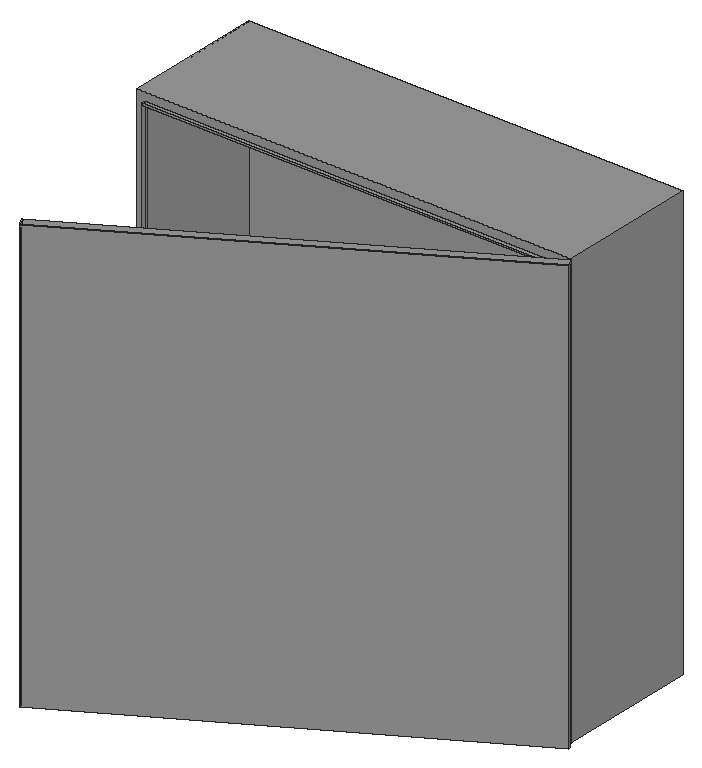
Revit family "Hager-Univers-IP55-D275-H800-Cl.II-Steel_encl-NoHosted-PL-pl", category Electrical Equipment, Revit 2020
Family settings
  Panel Configuration = Two Columns, Circuits Across
  Round Connector Dimension = Use Diameter
  Part Type = Panelboard
  Work Plane-Based = Yes
  Always vertical = Yes
  Cut with Voids When Loaded = No
  Shared = No
  Room Calculation Point = No
Parameters (values of type "Montaż natynkowy IP55 S800 W800 G275  - FR53S")
  Width Control [instance] = if([EF000008 - Szerokość] > Min Width, [EF000008 - Szerokość], Min Width)  # 800 mm
  Type Comments = [HG000003 - Zakres]  # "Univers"
  Thickness Door [instance] = if([EF009171 - Drzwi/pokrywa z materiału o wysokiej wytrzymałości mechanicznej] > 3 mm, 3 mm, [EF009171 - Drzwi/pokrywa z materiału o wysokiej wytrzymałości mechanicznej])  # 1.5 mm
  Seal Frame Offset [instance] = 17 mm  # constant formula
  Plinth Visibility [instance] = [HG000027 - Wysokość cokołu] > 0 mm  # no
  Min Width [instance] = 100 mm  # constant formula
  Min Depth [instance] = (2 * [EF009170 - Obudowa z materiału o wysokiej wytrzymałości mechanicznej]) + 1 mm  # 4 mm
  Min Height [instance] = 100 mm  # constant formula
  Internal Frame Depth [instance] = (Door System Depth * 0.5)  # 9 mm
  Panel Name [instance] = ""  # (empty or 0)
  Model = ""
  HG000027 - Wysokość cokołu = 0 mm
  HG000026 - Stojąca = no
  HG000024 - Wysokość części dolnej = 600 mm
  HG000023 - Obudowa dwusekcyjna = no
  HG000016 - Widoczność drzwi w widoku 3D [instance] = yes
  HG000015 - Przestrzeń robocza - otwarcie drzwi [instance] = no
  HG000014 - Drzwi prawe [instance] = yes
  HG000013 - Drzwi lewe [instance] = not([HG000014 - Drzwi prawe])  # no
  HG000012 - Kąt otwarcia drzwi [instance] = 30.00°
  HG000010 - Drzwi asymetryczne = no
  HG000009 - Drzwi dwuskrzydłowe = no
  HG000006 - Montaż podtynkowy = no
  HG000004 - Referencja producenta = "FR53S"
  HG000003 - Zakres = "Univers"
  HG000002 - Z drzwiami lub pokrywą = yes
  Frame Offset Bottom [instance] = 10 mm  # constant formula
  Frame Offset [instance] = 15 mm  # constant formula
  EF015940 - Pokrywa z wyzwalaczem nadciśnieniowym = no
  EF011959 - Stopień ochrony (NEMA) = ""
  EF009554 - Liczba otworów pod flansze = 6
  EF009212 - Wykonanie pokrywy = "EV000116 - Zamknięty"
  EF009171 - Drzwi/pokrywa z materiału o wysokiej wytrzymałości mechanicznej = 1.5 mm
  EF009170 - Obudowa z materiału o wysokiej wytrzymałości mechanicznej = 1.5 mm
  EF008873 - Prąd znamionowy (In) = 800 A
  EF007800 - Do ochrony odgromowej = no
  EF006306 - Z zamkiem = no
  EF006244 - Transparentna pokrywa/drzwi = no
  EF005474 - Stopień ochrony (IP) = "EV006420 - IP55"
  EF004464 - Rodzaj drzwi = "EV002646 - Pojedynczy"
  EF004427 - Liczba modułów = 180
  EF004293 - Odporność udarowa = "EV008784 - IK10"
  EF003532 - Do zastosowań zewnętrznych = no
  EF002950 - Szerokość wyrażona liczbą modułów = 24
  EF001613 - Podtrzymanie funkcji = "EV000494 - Brak"
  EF001596 - Materiał obudowy = "EV000179 - Stal"
  EF001131 - Głębokość wewnętrzna = 275 mm
  EF001088 - Możliwość rozbudowy = yes
  EF000437 - Liczba wejść kablowych = 6
  EF000339 - Rodzaj pokrywy = "EV004216 - Drzwi"
  EF000266 - Liczba rzędów = 5
  EF000218 - Głębokość wbudowania = 0 mm
  EF000118 - Z płytą montażową = no
  EF000116 - Numer RAL = "7035"
  EF000049 - Głębokość = 275 mm
  EF000040 - Wysokość = 800 mm
  EF000008 - Szerokość = 800 mm
  EF000007 - Kolor = "EV000270 - Szary"
  EF000003 - Sposób montażu = "EV000384 - Montaż natynkowy"
  Door System Leaf Tolerance [instance] = 1.5 mm  # constant formula
  Door System Depth [instance] = 18 mm  # constant formula
  Door Height [instance] = Height Control - [HG000027 - Wysokość cokołu]  # 800 mm
  Description = ""
  Default Elevation = 1219.2 mm
  Connector Offset [instance] = Height Control / 2  # 400 mm
  Manufacturer = "Hager"  # constant formula
  Height Control [instance] = if([EF000040 - Wysokość] > Min Height, [EF000040 - Wysokość], Min Height)  # 800 mm
  Depth Control [instance] = if([EF000049 - Głębokość] > Min Depth, [EF000049 - Głębokość], Min Depth)  # 275 mm
  Bottom Top Plate Trim [instance] = 1.5 mm  # constant formula
  Plinth height Ctrl [instance] = if([HG000027 - Wysokość cokołu] > 0 mm, [HG000027 - Wysokość cokołu], 12 mm)  # 12 mm
Types (5, lengths in mm): name | Width Control | HG000010 - Drzwi asymetryczne | HG000009 - Drzwi dwuskrzydłowe | HG000004 - Referencja producenta | EF009554 - Liczba otworów pod flansze | EF004464 - Rodzaj drzwi | EF004427 - Liczba modułów | EF000437 - Liczba wejść kablowych | EF000008 - Szerokość
  Montaż natynkowy IP55 S1050 W800 G275  - FR54S | 1050 | no | yes | "FR54S" | 8 | "EV003602 - Podwójny" | 240 | 8 | 1050
  Montaż natynkowy IP55 S1300 W800 G275  - FR55S | 1300 | yes | yes | "FR55S" | 10 | "EV003602 - Podwójny" | 300 | 10 | 1300
  Montaż natynkowy IP55 S300 W800 G275  - FR51S | 300 | no | no | "FR51S" | 2 | "EV002646 - Pojedynczy" | 60 | 2 | 300
  Montaż natynkowy IP55 S550 W800 G275  - FR52S | 550 | no | no | "FR52S" | 4 | "EV002646 - Pojedynczy" | 120 | 4 | 550
  Montaż natynkowy IP55 S800 W800 G275  - FR53S | 800 | no | no | "FR53S" | 6 | "EV002646 - Pojedynczy" | 180 | 6 | 800
Reference planes
  plane 1 "Center (Front/Back)": y = 0
  plane 2: z = 0
  plane 3 "Center (Left/Right)": x = 0
  plane 4: y = 0
  plane 5: y = 0
  plane 6: z = 0
  plane 7: x = -400
  plane 8: x = 400
  plane 9: x = 398.5
  plane 10: x = -398.5
  plane 11: z = 0
  plane 12: z = 1.5
  plane 13: y = -275
  plane 14: y = -1.5
  plane 15: x = 0
  plane 16: y = -257
  plane 17: y = -273.5
  plane 18: y = -255.5
  plane 19: x = -383.5
  plane 20: x = 383.5
  plane 21: z = 11.5
  plane 22: x = -383
  plane 23: x = 383
  plane 24: z = 0
  plane 25: z = 800
  plane 26: z = 800
  plane 27: z = 783.5
  plane 28: z = 798.5
Forms (mm)
  Extrusion 1, solid, material "Hager_Steel_RAL7035_Light_Grey", detail levels medium+fine
    sketch origin (-208.679, -4572, 0) x (-1, 0, 0) y (0, -1, 0)
      loop
        line (191.321, -4315) -> (-608.679, -4315) -> (-608.679, -4572) -> (191.321, -4572) -> (191.321, -4315)
    from 0 to 800
  Extrusion 2, void
    sketch origin (-350.771, -275, 1219.2) x (1, 0, 0) y (0, 0, 1)
      loop
        line (-47.729, -420.7) -> (-47.729, -1217.7) -> (749.271, -1217.7) -> (749.271, -420.7) -> (-47.729, -420.7)
    from -19.5 to -273.5
  Extrusion 3, void
    sketch origin (-290.084, -257, 1219.2) x (1, 0, 0) y (0, 0, 1)
      loop
        line (-93.416, -1207.7) -> (673.584, -1207.7) -> (673.584, -435.7) -> (-93.416, -435.7) -> (-93.416, -1207.7)
    from 0 to -1.5
  Extrusion 4, solid, material "Hager_Steel_RAL7035_Light_Grey", visible <- "Plinth Visibility", detail levels medium+fine
    sketch origin (0, 0, 0) x (1, 0, 0) y (0, 1, 0)
      loop
        line (-400, 0) -> (-400, -257) -> (400, -257) -> (400, 0) -> (-400, 0)
    from 0 to 12 <- "Plinth height Ctrl"
  Extrusion 5, solid, material "Hager_Steel_RAL7035_Light_Grey", detail levels coarse
    sketch origin (0, 0, 0) x (1, 0, 0) y (0, 1, 0)
      loop
        line (-400, 0) -> (-400, -275) -> (400, -275) -> (400, 0) -> (-400, 0)
    from 0 to 800 <- "Height Control"
  Sweep 6, void
    path in 3D
      loop
        line (-400, -257, 12) -> (400, -257, 12) -> (400, 0, 12) -> (-400, 0, 12) -> (-400, -257, 12)
    profile origin (-400, -128.5, 12) x (1, 0, 0) y (0, 0, 1)
      loop
        line (0, 0) -> (0, -1.5) -> (1.5, -1.5)
        arc (1.5, -1.5) -> (1.061, -0.439) -> (0, 0) r 1.5
  Extrusion 7, solid, material "Hager_Steel_RAL7035_Light_Grey", detail levels fine
    sketch origin (-400, -257, 0) x (1, 0, 0) y (0, 0, 1)
      loop
        line (16.5, 11.5) -> (783.5, 11.5) -> (783.5, 783.5) -> (16.5, 783.5) -> (16.5, 11.5)
      loop
        line (15, 10) -> (785, 10) -> (785, 785) -> (15, 785) -> (15, 10)
    from 0 to 9 <- "Internal Frame Depth"
Cuts and joins
  Extrusion 2, Extrusion 3 cuts Extrusion 1
  Sweep 6 cuts Extrusion 4
Lines and regions (mm)
  Masking region 1
    outline origin (0, 0, 0) x (1, 0, 0) y (0, 1, 0)
      loop
        line (-400, 0) -> (-400, -275) -> (400, -275) -> (400, 0) -> (-400, 0)
  Masking region 2, detail levels coarse
    outline origin (-290.084, -257, 1219.2) x (-1, 0, 0) y (0, 0, 1)
      loop
        line (-690.084, -1219.2) -> (109.916, -1219.2) -> (109.916, -419.2) -> (-690.084, -419.2) -> (-690.084, -1219.2)
  Masking region 3, detail levels coarse
    outline origin (0, 0, 0) x (0, 1, 0) y (0, 0, 1)
      loop
        line (0, 0) -> (0, 800) -> (-275, 800) -> (-275, 0) -> (0, 0)
  Masking region 4, visible <- "Plinth Visibility", detail levels medium+fine
    outline origin (0, 0, 0) x (0, 1, 0) y (0, 0, 1)
      loop
        line (-1.5, 12) -> (-255.5, 12)
        arc (-255.5, 12) -> (-255.939, 10.939) -> (-257, 10.5) r 1.5
        line (-257, 10.5) -> (-257, 0) -> (0, 0) -> (0, 10.5)
        arc (0, 10.5) -> (-1.061, 10.939) -> (-1.5, 12) r 1.5
  Masking region 5, detail levels medium+fine
    outline origin (0, 0, 594.038) x (0, 1, 0) y (0, 0, 1)
      loop
        line (0, -594.038) -> (0, 205.962) -> (-257, 205.962) -> (-257, -594.038) -> (0, -594.038)
  Masking region 6, detail levels medium+fine
    outline origin (-359.7, -257, 1211.883) x (-1, 0, 0) y (0, 0, 1)
      loop
        line (-759.7, -1211.883) -> (40.3, -1211.883) -> (40.3, -411.883) -> (-759.7, -411.883) -> (-759.7, -1211.883)
  Masking region 7, visible <- "Plinth Visibility", detail levels medium+fine
    outline origin (-320.334, -257, 1041.368) x (-1, 0, 0) y (0, 0, 1)
      loop
        line (-720.334, -1041.368) -> (79.666, -1041.368) -> (79.666, -1030.868)
        arc (79.666, -1030.868) -> (78.606, -1030.429) -> (78.166, -1029.368) r 1.5
        line (78.166, -1029.368) -> (-718.834, -1029.368)
        arc (-718.834, -1029.368) -> (-719.273, -1030.429) -> (-720.334, -1030.868) r 1.5
        line (-720.334, -1030.868) -> (-720.334, -1041.368)
  sketch lines
    curve 1: line (-400, 0, 12) -> (-400, -257, 12)
    curve 2: line (-400, -257, 12) -> (400, -257, 12)
    curve 3: line (400, 0, 12) -> (-400, 0, 12)
    curve 4: line (400, -257, 12) -> (400, 0, 12)
Dimensions and locks
  locked: plane 1 "Center (Front/Back)" to plane 5
  "EF009170 - Obudowa z materiału o wysokiej wytrzymałości mechanicznej": plane 7 to plane 10
  "EF009170 - Obudowa z materiału o wysokiej wytrzymałości mechanicznej": plane 8 to plane 9
  equal spacing: plane 7, plane 3 "Center (Left/Right)", plane 8
  "Width Control": plane 7 to plane 8
  "Depth Control": plane 4 to plane 13
  "EF009170 - Obudowa z materiału o wysokiej wytrzymałości mechanicznej": plane 4 to plane 14
  "Height Control": plane 25 to level
  "HG000027 - Wysokość cokołu": plane 11 to level
  "EF009170 - Obudowa z materiału o wysokiej wytrzymałości mechanicznej": plane 12 to plane 11
  "EF009170 - Obudowa z materiału o wysokiej wytrzymałości mechanicznej": plane 17 to plane 13
  "EF009170 - Obudowa z materiału o wysokiej wytrzymałości mechanicznej": plane 18 to plane 16
  "Frame Offset Bottom": plane 21 to plane 12
  "Frame Offset": plane 10 to plane 19
  "Frame Offset": plane 9 to plane 20
  "Door System Depth": plane 16 to plane 13
  "Seal Frame Offset": plane 7 to plane 22
  "Seal Frame Offset": plane 8 to plane 23
  "EF009170 - Obudowa z materiału o wysokiej wytrzymałości mechanicznej": plane 26 to plane 28
  "Frame Offset": plane 28 to plane 27
  "Connector Offset": plane 2 to connector elem
  "Bottom Top Plate Trim": profile plane to Sweep 6 sketch curve
  "Bottom Top Plate Trim": Sweep 6 sketch curve to Sweep 6 sketch curve
  "Plinth height Ctrl": Masking region 4 sketch curve to level
  "Plinth height Ctrl": Masking region 7 sketch curve to level
  "Thickness Door": Extrusion 7 sketch curve to Extrusion 7 sketch curve  (x4)
  "Bottom Top Plate Trim": radius of Sweep 6 sketch curve
  "Bottom Top Plate Trim": radius of Masking region 4 sketch curve  (x2)
  "Bottom Top Plate Trim": radius of Masking region 7 sketch curve  (x2)
  aligned and locked: Extrusion 2 sketch curve to plane 12
  aligned and locked: Extrusion 2 sketch curve to plane 9
  aligned and locked: Extrusion 2 sketch curve to plane 10
  aligned and locked: Extrusion 2 to plane 14
  aligned and locked: Extrusion 1 sketch curve to plane 4
  aligned and locked: plane 8 to Extrusion 1 sketch curve
  aligned and locked: plane 7 to Extrusion 1 sketch curve
  aligned and locked: Extrusion 2 to plane 18
  aligned and locked: Extrusion 3 sketch curve to plane 19
  aligned and locked: plane 20 to Extrusion 3 sketch curve
  aligned and locked: Extrusion 3 to Extrusion 2
  aligned and locked: Extrusion 3 sketch curve to plane 21
  aligned and locked: plane 3 "Center (Left/Right)" to nested 1
  aligned and locked: Extrusion 1 sketch curve to plane 16
  aligned and locked: Extrusion 4 sketch curve to cut or joined group of Extrusion 1, Extrusion 2, Extrusion 3
  aligned and locked: Masking region 1 sketch curve to plane 7
  aligned and locked: Masking region 1 sketch curve to plane 5
  aligned and locked: Masking region 1 sketch curve to plane 8
  aligned and locked: Masking region 2 sketch curve to level
  aligned and locked: level to Masking region 3 sketch curve
  aligned and locked: plane 1 "Center (Front/Back)" to Masking region 3 sketch curve
  aligned and locked: plane 13 to Masking region 3 sketch curve
  aligned and locked: plane 5 to Masking region 4 sketch curve
  aligned and locked: Masking region 2 sketch curve to plane 8
  aligned and locked: Masking region 2 sketch curve to plane 7
  aligned and locked: plane 7 to nested 2
  aligned and locked: nested 2 to plane 5
  aligned and locked: plane 5 to Masking region 5 sketch curve
  aligned and locked: plane 26 to Masking region 5 sketch curve
  aligned and locked: Extrusion 5 sketch curve to plane 8
  aligned and locked: Extrusion 5 sketch curve to plane 7
  aligned and locked: Extrusion 5 sketch curve to plane 5
  aligned and locked: Extrusion 3 sketch curve to plane 27
  aligned and locked: Extrusion 2 sketch curve to plane 28
  aligned and locked: Masking region 2 to plane 25
  aligned and locked: Extrusion 4 to plane 16
  aligned and locked: profile plane to Sweep 6 sketch curve
  aligned and locked: Masking region 5 sketch curve to plane 24
  aligned and locked: level to Masking region 4 sketch curve
  aligned and locked: Masking region 1 to plane 13
  aligned and locked: nested 1 to plane 16
  aligned and locked: Masking region 3 to plane 25
  aligned and locked: plane 16 to Masking region 4 sketch curve
  aligned and locked: Masking region 5 sketch curve to plane 16
  aligned and locked: plane 24 to plane 11
  aligned and locked: plane 26 to plane 25
  aligned and locked: plane 26 to cut or joined group of Extrusion 1, Extrusion 2, Extrusion 3
  aligned and locked: nested 1 to plane 24
  aligned and locked: Extrusion 1 to Extrusion 3
  aligned and locked: Masking region 6 sketch curve to plane 8
  aligned and locked: Masking region 6 sketch curve to plane 24
  aligned and locked: Masking region 6 sketch curve to plane 7
  aligned and locked: Masking region 6 sketch curve to plane 26
  aligned and locked: Masking region 7 sketch curve to plane 7
  aligned and locked: level to Masking region 7 sketch curve
  aligned and locked: Masking region 7 sketch curve to plane 8
  aligned and locked: Extrusion 7 sketch curve to cut or joined group of Extrusion 1, Extrusion 2, Extrusion 3  (x4)
Automatic sketch dimensions
  plane 19 to Extrusion 3 sketch curve = 0 mm
  Extrusion 3 sketch curve to plane 20 = 0 mm
  Extrusion 3 sketch curve to plane 21 = 0 mm
  Extrusion 4 sketch curve to plane 7 = 0 mm
  Extrusion 4 sketch curve to plane 8 = 0 mm
  Extrusion 4 sketch curve to plane 16 = 0 mm
  Masking region 1 sketch curve to plane 13 = 0 mm
  Masking region 2 sketch curve to plane 25 = 0 mm
  Masking region 3 sketch curve to plane 25 = 0 mm
  Extrusion 5 sketch curve to plane 13 = 0 mm
  profile plane to Sweep 6 sketch curve = 0 mm
Nested families
  nested 1: "EC000058_Univers_Door" at (0, -257, 0), Double <- "HG000009 - Drzwi dwuskrzydłowe", Transparent <- "EF006244 - Transparentna pokrywa/drzwi", Angle <- "HG000012 - Kąt otwarcia drzwi", Door_Right <- "HG000014 - Drzwi prawe", Assymetrical <- "HG000010 - Drzwi asymetryczne", Door <- "HG000002 - Z drzwiami lub pokrywą", Width_Ctrl <- "Width Control", 3d_Door <- "HG000016 - Widoczność drzwi w widoku 3D", Clearance <- "HG000015 - Przestrzeń robocza - otwarcie drzwi", Door_Left <- "HG000013 - Drzwi lewe", Width <- "Width Control", Door_Depth <- "Door System Depth", Leaf_Tolerance <- "Door System Leaf Tolerance", Height <- "Door Height", Lock_Visibility <- "EF006306 - Z zamkiem", Thickness <- "Thickness Door", type "EC000058_Univers_Door", detail levels medium+fine
    with min_wh 4 mm, Width_Ctrl 800 mm, Width 800 mm, Transparent no, Thickness 1.5 mm, Seal_Material Hager_Rubber, Lock_Visibility no, Lock_Material Hager_Plastic_RAL9005_Jet_Black, Leaf_Width 800 mm, Leaf_Tolerance_External_Sides 0 mm, Leaf_Tolerance 1.5 mm, Leaf_Offset 0 mm, Leaf_Height 797 mm, Leaf_2_Width 800 mm, Leaf_2_Offset 400 mm, Leaf_1_Width 800 mm, Leaf_1_Offset 400 mm, Height_Ctrl 800 mm, Height 800 mm, Glass_Material Hager_Glass, Double_Clearance_Ctrl no, Double no, Door_Right_Ctrl yes, Door_Right yes, Door_Material Hager_Steel_RAL7035_Light_Grey, Door_Left_Ctrl no, Door_Left no, Door_Depth 18 mm, Door yes, Clearance_Material Hager_Clearance, Clearance_Depth 800 mm, Clearance_Ctrl no, Clearance no, Assymetrical no, Angle 30.00°, 3d_Door yes
  nested 2: "Hager_Enclosure_Symbol" at (-400, 0, 0), Height <- "Depth Control", Width <- "Width Control", type "Hager_Enclosure_Symbol"
    with Width_Ctrl 800 mm, Width 800 mm, Height_Ctrl 275 mm, Height 275 mm, A_Width_Int 18.047 mm, A_Width 216.562 mm, A_Height_Ctrl 240.625 mm, A_Height 240.625 mm
Connectors
  electrical at (0, 0, 400)
    settings: on plane 1 "Center (Front/Back)", index 1, voltage 0 V, apparent load 0 VA, apparent load phase1 0 VA, apparent load phase2 0 VA, apparent load phase3 0 VA, power factor 1, load classification "Other", number of poles 1, system type 30, power factor state 1, is connector primary yes, connector utility no, sub classification motor no, connector description ""
Definition of nested family "EC000058_Univers_Door"
  Parameters (values of type "EC000058_Univers_Door")
    min_wh [instance] = (2 * Thickness) + 1 mm  # 11 mm
    Width_Ctrl [instance] = 400 mm
    Width [instance] = 500 mm
    Transparent [instance] = yes
    Thickness [instance] = 5 mm
    Seal_Material [instance] = none
    Lock_Visibility [instance] = yes
    Lock_Material [instance] = none
    Leaf_Width [instance] = if((Width_Ctrl - 2 * Leaf_Tolerance_External_Sides) > 0 mm, (Width_Ctrl - 2 * Leaf_Tolerance_External_Sides), min_wh)  # 400 mm
    Leaf_Tolerance_External_Sides [instance] = 0 mm  # constant formula
    Leaf_Tolerance [instance] = 1.5 mm
    Leaf_Offset [instance] = 0 mm  # constant formula
    Leaf_Height [instance] = if((Height_Ctrl - 2 * Leaf_Tolerance) > 0 mm, (Height_Ctrl - 2 * Leaf_Tolerance), min_wh)  # 497 mm
    Leaf_2_Width [instance] = if(and(and(Double, Assymetrical), Door_Left), (Leaf_Width / 3) - (Leaf_Tolerance / 2), if(and(and(Double, Assymetrical), Door_Right), (Leaf_Width / 3) * 2 - (Leaf_Tolerance / 2), if(and(Double, not(Assymetrical)), (Leaf_Width / 2) - Leaf_Tolerance, Leaf_Width)))  # 400 mm
    Leaf_2_Offset [instance] = if(and(Double, Assymetrical), Leaf_2_Width / 2, if(and(Double, not(Assymetrical)), Leaf_Width / 4, Leaf_Width / 2))  # 200 mm
    Leaf_1_Width [instance] = if(and(and(Double, Assymetrical), Door_Right), (Leaf_Width / 3) - (Leaf_Tolerance / 2), if(and(and(Double, Assymetrical), Door_Left), (Width / 3) * 2 - (Leaf_Tolerance / 2), if(and(Double, not(Assymetrical)), (Leaf_Width / 2) - Leaf_Tolerance, Leaf_Width)))  # 400 mm
    Leaf_1_Offset [instance] = if(and(Double, Assymetrical), Leaf_1_Width / 2, if(and(Double, not(Assymetrical)), Leaf_Width / 4, Leaf_Width / 2))  # 200 mm
    Height_Ctrl [instance] = if(Height > min_wh, Height, min_wh)  # 500 mm
    Height [instance] = 500 mm
    Glass_Material [instance] = none
    Double_Clearance_Ctrl [instance] = and(Double, Clearance)  # no
    Double [instance] = no
    Door_Right_Ctrl [instance] = and(or(Door_Right, Double), Door)  # yes
    Door_Right [instance] = yes
    Door_Material [instance] = none
    Door_Left_Ctrl [instance] = and(or(Door_Left, Double), Door)  # no
    Door_Left [instance] = no
    Door_Depth [instance] = 30 mm
    Door [instance] = yes
    Default Elevation = 1219.2 mm
    Clearance_Material [instance] = none
    Clearance_Depth [instance] = if(Leaf_1_Width > Leaf_2_Width, Leaf_1_Width, Leaf_2_Width)  # 400 mm
    Clearance_Ctrl [instance] = and(not(Double), Clearance)  # yes
    Clearance [instance] = yes
    Assymetrical [instance] = yes
    Angle [instance] = 30.00°
    3d_Door [instance] = yes
  Reference planes
    plane 1 "Center (Front/Back)": y = 0
    plane 2 "Bottom": z = 0
    plane 3 "Center (Left/Right)": x = 0
    plane 4: z = 500
    plane 5: x = -200
    plane 6: x = 200
    plane 7: z = 500
    plane 8: x = -200
    plane 9: z = 0
    plane 10: x = 200
    plane 11: y = 0
    plane 12: z = 1.5
    plane 13: x = -600
    plane 14: y = -400
    plane 15: x = 600
    plane 16: x = 0
    plane 17: x = 0
    plane 18: x = -200
    plane 19: x = 200
    plane 20: z = 498.5
  Forms (mm)
    Extrusion 1, solid, material <- "Clearance_Material", visible <- "Double_Clearance_Ctrl"
      sketch origin (1200, 0, 0) x (1, 0, 0) y (0, 0, -1)
        loop
          line (-1800, -498.5) -> (-600, -498.5) -> (-600, 0) -> (-1800, 0) -> (-1800, -498.5)
      from 0 to -400
  Dimensions and locks
    equal spacing: plane 5, plane 3 "Center (Left/Right)", plane 6
    "Width_Ctrl": plane 5 to plane 6
    "Leaf_Offset": plane 5 to plane 8
    "Leaf_Offset": plane 6 to plane 10
    "Leaf_Offset": plane 9 to level
    "Leaf_Offset": plane 4 to plane 7
    "Height_Ctrl": plane 4 to level
    "Leaf_Tolerance": plane 12 to plane 9
    locked: plane 11 to plane 1 "Center (Front/Back)"
    "Leaf_1_Offset": plane 18 to plane 16
    "Leaf_2_Offset": plane 17 to plane 19
    "Leaf_1_Width": plane 13 to plane 8
    "Leaf_2_Width": plane 10 to plane 15
    "Clearance_Depth": plane 14 to plane 1 "Center (Front/Back)"
    "Leaf_Tolerance_External_Sides": plane 8 to plane 18
    "Leaf_Tolerance_External_Sides": plane 19 to plane 10
    "Leaf_Tolerance": plane 7 to plane 20
    aligned and locked: level to plane 2 "Bottom"
    aligned and locked: nested 1 to plane 16
    aligned and locked: nested 2 to plane 17
    aligned and locked: Extrusion 1 to plane 13
    aligned and locked: plane 15 to Extrusion 1
    aligned and locked: Extrusion 1 to plane 14
    aligned and locked: plane 12 to nested 1
    aligned and locked: nested 2 to plane 12
    aligned and locked: Extrusion 1 to plane 11
    aligned and locked: plane 20 to Extrusion 1
    aligned and locked: nested 2 to plane 11
    aligned and locked: nested 1 to plane 11
  Automatic sketch dimensions
    Extrusion 1 sketch curve to level = 0 mm
    plane 5 to Extrusion 1 sketch curve = 400 mm
    plane 6 to Extrusion 1 sketch curve = 400 mm
    Extrusion 1 sketch curve to plane 4 = 1.5 mm
  Nested families
    nested 1: "EC000058_Univers_Door_Leaf" at (0, 0, 1.5), Width <- "Leaf_1_Width", visible <- "Door_Left_Ctrl", Leaf_Height <- "Leaf_Height", Angle <- "Angle", 3d_Door <- "3d_Door", Transparent <- "Transparent", Clearance Material <- "Clearance_Material", Clearance <- "Clearance_Ctrl", Door_Material <- "Door_Material", Glass_Material <- "Glass_Material", Door_Depth <- "Door_Depth", Lock_Material <- "Lock_Material", Seal_Material <- "Seal_Material", Lock_Visibility <- "Lock_Visibility", Thickness <- "Thickness", type "EC000058_Univers_Door_Leaf"
      with Width 400 mm, Transparent_Glass_Offset 30 mm, Transparent_Ctrl yes, Transparent yes, Thickness 5 mm, Standard no, Seal_Material none, Seal_D2 8 mm, Seal_D1 1 mm, Offset_Internal_Frame 10 mm, Lock_Width 20 mm, Lock_Visibility_3d yes, Lock_Visibility yes, Lock_Thickness_3 3 mm, Lock_Thickness_2 1 mm, Lock_Thickness_1 3 mm, Lock_Radius_Offset_2 16 mm, Lock_Radius_Offset_1 15 mm, Lock_Radius_2 5 mm, Lock_Radius 6 mm, Lock_Offset 5 mm, Lock_Material none, Lock_Height 80 mm, Lock_Cover_Top_Offset_2d 17 mm, Lock_Cover_Height -65 mm, Leaf_Height 497 mm, Internal_Seal_Thickness 8 mm, Internal_Seal_Depth_2 4.5 mm, Internal_Frame_Depth 25 mm, Glass_Thickness -1 mm, Glass_Offset -2 mm, Glass_Material none, Door_Material none, Door_Depth 30 mm, Clearance Material none, Clearance yes, Angle_Ctrl 30.00°, Angle 30.00°, 3d_Door yes
    nested 2: "EC000058_Univers_Door_Leaf" at (0, 0, 1.5) x (-1, 0, 0) z (0, 0, 1), Width <- "Leaf_2_Width", visible <- "Door_Right_Ctrl", Leaf_Height <- "Leaf_Height", Angle <- "Angle", 3d_Door <- "3d_Door", Transparent <- "Transparent", Clearance Material <- "Clearance_Material", Clearance <- "Clearance_Ctrl", Door_Material <- "Door_Material", Glass_Material <- "Glass_Material", Door_Depth <- "Door_Depth", Lock_Material <- "Lock_Material", Seal_Material <- "Seal_Material", Lock_Visibility <- "Lock_Visibility", Thickness <- "Thickness", type "EC000058_Univers_Door_Leaf"
      with Width 400 mm, Transparent_Glass_Offset 30 mm, Transparent_Ctrl yes, Transparent yes, Thickness 5 mm, Standard no, Seal_Material none, Seal_D2 8 mm, Seal_D1 1 mm, Offset_Internal_Frame 10 mm, Lock_Width 20 mm, Lock_Visibility_3d yes, Lock_Visibility yes, Lock_Thickness_3 3 mm, Lock_Thickness_2 1 mm, Lock_Thickness_1 3 mm, Lock_Radius_Offset_2 16 mm, Lock_Radius_Offset_1 15 mm, Lock_Radius_2 5 mm, Lock_Radius 6 mm, Lock_Offset 5 mm, Lock_Material none, Lock_Height 80 mm, Lock_Cover_Top_Offset_2d 17 mm, Lock_Cover_Height -65 mm, Leaf_Height 497 mm, Internal_Seal_Thickness 8 mm, Internal_Seal_Depth_2 4.5 mm, Internal_Frame_Depth 25 mm, Glass_Thickness -1 mm, Glass_Offset -2 mm, Glass_Material none, Door_Material none, Door_Depth 30 mm, Clearance Material none, Clearance yes, Angle_Ctrl 30.00°, Angle 30.00°, 3d_Door yes
  Definition of nested family "EC000058_Univers_Door_Leaf"
    Parameters (values of type "EC000058_Univers_Door_Leaf")
      Width [instance] = 2000 mm
      Transparent_Glass_Offset [instance] = 30 mm
      Transparent_Ctrl [instance] = and(Transparent, [3d_Door])  # yes
      Transparent [instance] = yes
      Thickness [instance] = 5 mm
      Standard [instance] = and(not(Transparent), [3d_Door])  # no
      Seal_Material [instance] = none
      Seal_D2 [instance] = 8 mm  # constant formula
      Seal_D1 [instance] = 1 mm  # constant formula
      Offset_Internal_Frame [instance] = 10 mm  # constant formula
      Lock_Width [instance] = 20 mm  # constant formula
      Lock_Visibility_3d [instance] = and(Lock_Visibility, [3d_Door])  # yes
      Lock_Visibility [instance] = yes
      Lock_Thickness_3 [instance] = 3 mm  # constant formula
      Lock_Thickness_2 [instance] = 1 mm  # constant formula
      Lock_Thickness_1 [instance] = 3 mm  # constant formula
      Lock_Radius_Offset_2 [instance] = Lock_Radius_Offset_1 + 1 mm  # 16 mm
      Lock_Radius_Offset_1 [instance] = 15 mm  # constant formula
      Lock_Radius_2 [instance] = Lock_Radius - 1 mm  # 5 mm
      Lock_Radius [instance] = 6 mm  # constant formula
      Lock_Offset [instance] = 5 mm  # constant formula
      Lock_Material [instance] = none
      Lock_Height [instance] = 80 mm  # constant formula
      Lock_Cover_Top_Offset_2d [instance] = Lock_Radius_Offset_2 + 1 mm  # 17 mm
      Lock_Cover_Height [instance] = -(Lock_Height - Lock_Radius_Offset_1)  # -65 mm
      Leaf_Height [instance] = 2720.336 mm
      Internal_Seal_Thickness [instance] = 8 mm  # constant formula
      Internal_Seal_Depth_2 [instance] = 4.5 mm  # constant formula
      Internal_Frame_Depth [instance] = if(Door_Depth - Thickness > 5 mm, Door_Depth - Thickness, 5 mm)  # 25 mm
      Glass_Thickness [instance] = if(Thickness > 15 mm, Glass_Offset + 10 mm, -1 mm)  # -1 mm
      Glass_Offset [instance] = if(Thickness > 15 mm, -(Thickness + 10 mm) / 2, -2 mm)  # -2 mm
      Glass_Material [instance] = none
      Door_Material [instance] = none
      Door_Depth [instance] = 30 mm
      Default Elevation = 0 mm
      Clearance Material [instance] = none
      Clearance [instance] = yes
      Angle_Ctrl [instance] = if(Angle > 180.00°, 180.00°, Angle)  # 90.00°
      Angle [instance] = 90.00°
      3d_Door [instance] = yes
    Reference planes
      plane 1 "Center (Front/Back)": y = 0
      plane 2: z = 0
      plane 3 "Center (Left/Right)": x = 0
      plane 4: y = 2000
      plane 5: x = -1000
      plane 6: x = 1000
      plane 7: x = -3000
      plane 8: z = 2720.336
      plane 9: z = 30
      plane 10: z = 2690.336
      plane 11: x = 970
      plane 12: x = -970
      plane 13: y = -3
      plane 14: z = 107.833
      plane 15: y = -5
      plane 16: y = -223.314
      plane 17: x = -1000
      plane 18: z = 1360.168
      plane 19: y = 30
    Forms (mm)
      Extrusion 1, solid, material <- "Clearance Material", visible <- "Clearance"
        sketch origin (0, 0, 0) x (1, 0, 0) y (0, 0, 1)
          loop
            line (-3000, 2720.336) -> (-3000, 0) -> (1000, 0) -> (1000, 2720.336) -> (-3000, 2720.336)
        from 0 to -2000
      Extrusion 2, solid, material <- "Door_Material", visible <- "Standard", detail levels medium+fine
        sketch origin (-1000, 0, 0) x (0, 1, 0) y (-1, 0, 0)
          loop
            line (0, 30) -> (0, 25) -> (2000, 25) -> (2000, 30) -> (0, 30)
        from 0 to 2720.336 <- "Leaf_Height"
      Extrusion 3, solid, material <- "Door_Material", visible <- "Transparent_Ctrl", detail levels medium+fine
        sketch origin (-1000, 0, 0) x (0, 1, 0) y (-1, 0, 0)
          loop
            line (0, 25) -> (2000, 25) -> (2000, 30) -> (0, 30) -> (0, 25)
        from 0 to 2720.336 <- "Leaf_Height"
      Extrusion 4, void
        sketch origin (-1025, 2000, 0) x (0, 1, 0) y (0, 0, -1)
          loop
            line (-30, -2690.336) -> (-30, -30) -> (-1970, -30) -> (-1970, -2690.336) -> (-30, -2690.336)
        from 0 to 5 <- "Thickness"
      Sweep 5, solid, material <- "Seal_Material", visible <- "Transparent_Ctrl", detail levels fine
        path in 3D
          loop
            line (-1025, 30, 30) -> (-1025, 30, 2690.336) -> (-1025, 1970, 2690.336) -> (-1025, 1970, 30) -> (-1025, 30, 30)
        profile origin (-1025, 1000, 30) x (1, 0, 0) y (0, 0, 1)
          loop
            line (0, 0) -> (0, -8) -> (1, -8) -> (1, 0) -> (0, 0)
      Extrusion 6, solid, material <- "Glass_Material", visible <- "Transparent_Ctrl", detail levels medium+fine
        sketch origin (-1030, 0, 0) x (0, 1, 0) y (0, 0, -1)
          loop
            line (1970, -2690.336) -> (1970, -30) -> (30, -30) -> (30, -2690.336) -> (1970, -2690.336)
        from -2 <- "Glass_Offset" to -1 <- "Glass_Thickness"
      Extrusion 7, solid, material <- "Door_Material", visible <- "3d_Door", detail levels medium+fine
        sketch origin (-1025, 2000, 0) x (0, -1, 0) y (0, 0, -1)
          loop
            line (0, -2720.336) -> (2000, -2720.336) -> (2000, 0) -> (0, 0) -> (0, -2720.336)
          loop
            line (1995, -5) -> (5, -5) -> (5, -2715.336) -> (1995, -2715.336) -> (1995, -5)
        from 0 to 25 <- "Internal_Frame_Depth"
      Sweep 8, solid, material <- "Seal_Material", visible <- "Transparent_Ctrl", detail levels fine
        path in 3D
          loop
            line (-1025, 0, 0) -> (-1025, 2000, 0) -> (-1025, 2000, 2720.336) -> (-1025, 0, 2720.336) -> (-1025, 0, 0)
        profile origin (-1025, 0, 1360.168) x (1, 0, 0) y (0, 1, 0)
          loop
            line (0, 10) -> (2.975, 10)
            arc (2.975, 10) -> (4.053, 10.447) -> (4.5, 11.525) r 1.525
            line (4.5, 11.525) -> (4.5, 16.527)
            arc (4.5, 16.527) -> (4.069, 17.569) -> (3.027, 18) r 1.473
            line (3.027, 18) -> (0, 18) -> (0, 10)
      Extrusion 9, solid, material <- "Lock_Material", visible <- "Lock_Visibility_3d", detail levels fine
        sketch origin (-1030, 0, 0) x (0, 1, 0) y (0, 0, -1)
          loop
            arc (1993.5, -1400.168) -> (1994.561, -1399.729) -> (1995, -1398.668) r 1.5
            line (1995, -1398.668) -> (1995, -1320.168) -> (1975, -1320.168) -> (1975, -1398.668)
            arc (1975, -1398.668) -> (1975.439, -1399.729) -> (1976.5, -1400.168) r 1.5
            line (1976.5, -1400.168) -> (1993.5, -1400.168)
        from 3 <- "Lock_Thickness_1" to 0
      Blend 10, solid, material <- "Lock_Material", visible <- "Lock_Visibility_3d", detail levels fine
        base sketch origin (-1033, 0, 0) x (0, 1, 0) y (0, 0, -1)
          loop
            line (1975, -1320.168) -> (1975, -1398.668)
            arc (1975, -1398.668) -> (1975.439, -1399.729) -> (1976.5, -1400.168) r 1.5
            line (1976.5, -1400.168) -> (1993.5, -1400.168)
            arc (1993.5, -1400.168) -> (1994.561, -1399.729) -> (1995, -1398.668) r 1.5
            line (1995, -1398.668) -> (1995, -1320.168) -> (1975, -1320.168)
        top sketch origin (-1033, 0, 0) x (0, 1, 0) y (0, 0, -1)
          loop
            line (1976, -1320.168) -> (1976, -1398.668)
            arc (1976, -1398.668) -> (1976.146, -1399.022) -> (1976.5, -1399.168) r 0.5
            line (1976.5, -1399.168) -> (1993.5, -1399.168)
            arc (1993.5, -1399.168) -> (1993.854, -1399.022) -> (1994, -1398.668) r 0.5
            line (1994, -1398.668) -> (1994, -1320.168) -> (1976, -1320.168)
        from 0 to 1 <- "Lock_Thickness_2"
      Blend 11, solid, material <- "Lock_Material", visible <- "Lock_Visibility_3d", detail levels fine
        base sketch origin (-1034, 0, 0) x (0, 1, 0) y (0, 0, -1)
          loop
            line (1978, -1320.168) -> (1978, -1384.168)
            arc (1978, -1384.168) -> (1985, -1391.168) -> (1992, -1384.168) r 7
            line (1992, -1384.168) -> (1992, -1320.168) -> (1978, -1320.168)
        top sketch origin (-1034, 0, 0) x (0, 1, 0) y (0, 0, -1)
          loop
            line (1991, -1320.168) -> (1979, -1320.168) -> (1979, -1383.168)
            arc (1979, -1383.168) -> (1985, -1389.168) -> (1991, -1383.168) r 6
            line (1991, -1383.168) -> (1991, -1320.168)
        from 0 to 3 <- "Lock_Thickness_3"
      Extrusion 12, solid, material <- "Lock_Material", visible <- "Lock_Visibility_3d", detail levels fine
        sketch origin (-1030, 1975, 1320.168) x (1, 0, 0) y (0, -1, 0)
          loop
            line (-7, -19) -> (-7, -1) -> (0, -1) -> (0, 0) -> (-8, 0) -> (-8, -20) -> (0, -20) -> (0, -19) -> (-7, -19)
        from 0 to -65 <- "Lock_Cover_Height"
      Extrusion 13, void
        sketch origin (-1038, 1995, 1320.168) x (-1, 0, 0) y (0, 0, -1)
          loop
            line (-5, -65) -> (0, -65) -> (-5, -60) -> (-5, -65)
        from 0 to 20 <- "Lock_Width"
      Extrusion 14, void
        sketch origin (-1038, 1975, 1320.168) x (0, -1, 0) y (0, 0, -1)
          loop
            circle (-10, -15.995) r 6
          loop
            circle (-10, -15.995) r 5
        from 0 to 2
      Extrusion 15, solid, material <- "Lock_Material", visible <- "Lock_Visibility_3d", detail levels medium
        sketch origin (-1030, 0, 0) x (0, 1, 0) y (0, 0, -1)
          loop
            arc (1993.5, -1400.168) -> (1994.561, -1399.729) -> (1995, -1398.668) r 1.5
            line (1995, -1398.668) -> (1995, -1320.168) -> (1975, -1320.168) -> (1975, -1398.668)
            arc (1975, -1398.668) -> (1975.439, -1399.729) -> (1976.5, -1400.168) r 1.5
            line (1976.5, -1400.168) -> (1993.5, -1400.168)
        from 8 to 0
    Cuts and joins
      Extrusion 4 cuts Extrusion 3
      Extrusion 13, Extrusion 14 cuts Extrusion 9
      Extrusion 14 cuts Blend 11
      Extrusion 13, Extrusion 14 cuts Extrusion 12
      joined: Extrusion 9, Blend 10, Blend 11, Extrusion 12
      Extrusion 14 cuts Extrusion 15
    Lines and regions (mm)
      Masking region 1, visible <- "Lock_Visibility", detail levels fine
        outline origin (0, 0, 0) x (0, 1, 0) y (0, 0, 1)
          loop
            line (30, 1320.168) -> (33, 1320.168) -> (33, 1400.168) -> (30, 1400.168) -> (30, 1320.168)
      Masking region 2, visible <- "Lock_Visibility", detail levels fine
        outline origin (0, 3.143, 0) x (0, 1, 0) y (0, 0, 1)
          loop
            line (29.857, 1354.168) -> (30.857, 1354.168) -> (30.857, 1366.168) -> (29.857, 1366.168) -> (29.857, 1354.168)
      Masking region 3, detail levels medium+fine
        outline origin (0, 0, 0) x (0, 1, 0) y (0, 0, 1)
          loop
            line (0, 0) -> (30, 0) -> (30, 2720.336) -> (0, 2720.336) -> (0, 0)
      Masking region 4, detail levels medium+fine
        outline origin (0, 0, 0) x (1, 0, 0) y (0, 0, 1)
          loop
            line (-1000, 2720.336) -> (-1000, 0) -> (1000, 0) -> (1000, 2720.336) -> (-1000, 2720.336)
      Masking region 5, visible <- "Lock_Visibility", detail levels fine
        outline origin (-47.116, 0, 0) x (1, 0, 0) y (0, 0, 1)
          loop
            arc (1024.616, 1399.168) -> (1023.556, 1398.729) -> (1023.116, 1397.668) r 1.5
            line (1023.116, 1397.668) -> (1023.116, 1320.168) -> (1041.116, 1320.168) -> (1041.116, 1397.668)
            arc (1041.116, 1397.668) -> (1040.677, 1398.729) -> (1039.616, 1399.168) r 1.5
            line (1039.616, 1399.168) -> (1024.616, 1399.168)
      Masking region 6, visible <- "Lock_Visibility", detail levels medium+fine
        outline origin (-25, 0, 0) x (1, 0, 0) y (0, 0, 1)
          loop
            arc (1001.5, 1400.168) -> (1000.439, 1399.729) -> (1000, 1398.668) r 1.5
            line (1000, 1398.668) -> (1000, 1320.168) -> (1020, 1320.168) -> (1020, 1398.668)
            arc (1020, 1398.668) -> (1019.561, 1399.729) -> (1018.5, 1400.168) r 1.5
            line (1018.5, 1400.168) -> (1001.5, 1400.168)
      Masking region 7, visible <- "Lock_Visibility", detail levels fine
        outline origin (-73.735, 0, 0) x (1, 0, 0) y (0, 0, 1)
          loop
            line (1051.735, 1382.168) -> (1065.735, 1382.168) -> (1065.735, 1384.168)
            arc (1065.735, 1384.168) -> (1058.735, 1391.168) -> (1051.735, 1384.168) r 7
            line (1051.735, 1384.168) -> (1051.735, 1382.168)
      Masking region 8, visible <- "Lock_Visibility", detail levels fine
        outline origin (-73.735, 0, 0) x (1, 0, 0) y (0, 0, 1)
          loop
            line (1052.735, 1382.168) -> (1064.735, 1382.168) -> (1064.735, 1383.168)
            arc (1064.735, 1383.168) -> (1058.735, 1389.168) -> (1052.735, 1383.168) r 6
            line (1052.735, 1383.168) -> (1052.735, 1382.168)
      Masking region 9, visible <- "Lock_Visibility", detail levels fine
        outline origin (-25, 0, 0) x (1, 0, 0) y (0, 0, 1)
          loop
            line (1020, 1320.168) -> (1020, 1382.168) -> (1000, 1382.168) -> (1000, 1320.168) -> (1020, 1320.168)
      Masking region 10, detail levels medium+fine
        outline origin (0, 0, 0) x (1, 0, 0) y (0, 0, 1)
          loop
            circle (985, 1335.144) r 6
      Masking region 11, detail levels fine
        outline origin (0, 0, 0) x (1, 0, 0) y (0, 0, 1)
          loop
            circle (985, 1335.144) r 5
      Masking region 12, visible <- "Lock_Visibility", detail levels fine
        outline origin (0, 12.767, 0) x (0, 1, 0) y (0, 0, 1)
          loop
            line (20.233, 1320.168) -> (21.233, 1320.168) -> (21.233, 1399.168) -> (20.233, 1400.168) -> (20.233, 1320.168)
      Masking region 13, visible <- "Lock_Visibility", detail levels fine
        outline origin (0, 13.767, -10) x (0, 1, 0) y (0, 0, 1)
          loop
            line (20.233, 1330.168) -> (23.233, 1330.168) -> (23.233, 1399.168) -> (20.233, 1402.168) -> (20.233, 1330.168)
      Masking region 14, visible <- "Lock_Visibility", detail levels fine
        outline origin (0, 12.767, -10) x (0, 1, 0) y (0, 0, 1)
          loop
            line (20.233, 1330.168) -> (25.233, 1330.168) -> (25.233, 1399.305) -> (20.233, 1394.305) -> (20.233, 1330.168)
      Masking region 15, visible <- "Lock_Visibility", detail levels medium
        outline origin (0, 0, 0) x (0, 1, 0) y (0, 0, 1)
          loop
            line (30, 1320.168) -> (38, 1320.168) -> (38, 1400.168) -> (30, 1400.168) -> (30, 1320.168)
      Masking region 16, visible <- "Lock_Visibility", detail levels fine
        outline origin (-1000, 0, 0) x (0, 1, 0) y (-1, 0, 0)
          loop
            line (1975, 30) -> (1995, 30) -> (1995, 38) -> (1975, 38) -> (1975, 30)
          loop
            line (1979, 37) -> (1976, 37) -> (1976, 34) -> (1978, 34) -> (1979, 37)
          loop
            line (1994, 37) -> (1991, 37) -> (1992, 34) -> (1994, 34) -> (1994, 37)
      Masking region 17, visible <- "Lock_Visibility", detail levels medium
        outline origin (-1000, 0, 0) x (0, 1, 0) y (-1, 0, 0)
          loop
            line (1975, 30) -> (1995, 30) -> (1995, 38) -> (1975, 38) -> (1975, 30)
      symbolic lines
        curve 1: line (1000, 0, 0) -> (-3000, 0, 0)
        curve 2: arc (1000, 0, 0) -> (-1000, 2000, 0) -> (-3000, 0, 0) r 2000
        curve 4: line (-1030, 0, 0) -> (-1030, 2000, 0)
      reference lines
        curve 3: line (-1000, 0, 0) -> (-1000, 2000, 0)
      symbolic lines, detail levels medium+fine
        curve 5: line (-1030, 2000, 0) -> (-1025, 2000, 0)
        curve 7: line (-1025, 0, 0) -> (-1030, 0, 0)
        curve 8: line (-1025, 0, 0) -> (-1000, 0, 0)
        curve 9: line (-1000, 0, 0) -> (-1000, 2000, 0)
        curve 10: line (-1000, 2000, 0) -> (-1025, 2000, 0)
      symbolic lines, detail levels fine
        curve 6: line (-1025, 2000, 0) -> (-1025, 0, 0)
      sketch lines
        curve 11: line (-1025, 0, 2720.336) -> (-1025, 0, 0)
        curve 12: line (-1025, 2000, 0) -> (-1025, 0, 0)
        curve 13: line (-1025, 2000, 2720.336) -> (-1025, 2000, 0)
        curve 14: line (-1025, 0, 2720.336) -> (-1025, 2000, 2720.336)
        curve 15: line (-1025, 1970, 30) -> (-1025, 30, 30)
        curve 16: line (-1025, 30, 30) -> (-1025, 30, 2690.336)
        curve 17: line (-1025, 1970, 2690.336) -> (-1025, 1970, 30)
        curve 18: line (-1025, 30, 2690.336) -> (-1025, 1970, 2690.336)
      symbolic lines, visible <- "Transparent", detail levels medium+fine
        curve 19: line (-970, 0, 2690.336) -> (970, 0, 2690.336)
        curve 20: line (-970, 0, 30) -> (-970, 0, 2690.336)
        curve 21: line (970, 0, 30) -> (-970, 0, 30)
        curve 22: line (970, 0, 2690.336) -> (970, 0, 30)
    Dimensions and locks
      "Width": plane 1 "Center (Front/Back)" to plane 4
      equal spacing: plane 5, plane 3 "Center (Left/Right)", plane 6
      "Width": plane 5 to plane 6
      "Width": plane 7 to plane 5
      "Leaf_Height": plane 8 to level
      "Width": curve 5 to curve 3
      "Width": curve 3 to curve 3
      plane 8 to plane 10 = 30 mm
      plane 9 to level = 30 mm
      plane 12 to plane 5 = 30 mm
      plane 6 to plane 11 = 30 mm
      Extrusion 1 to Extrusion 4 sketch curve = 30 mm
      "Transparent_Glass_Offset": curve 3 to Extrusion 4 sketch curve
      "Transparent_Glass_Offset": Extrusion 4 sketch curve to cut or joined group of Extrusion 3, Extrusion 4  (x2)
      cut or joined group of Extrusion 3, Extrusion 4 to Extrusion 6 sketch curve = 30 mm
      "Transparent_Glass_Offset": cut or joined group of Extrusion 3, Extrusion 4 to Extrusion 4 sketch curve
      "Thickness": curve 6 to curve 4
      "Thickness": Extrusion 7 sketch curve to Extrusion 7 sketch curve  (x4)
      "Door_Depth": curve 4 to curve 3
      "Offset_Internal_Frame": profile plane to Sweep 8 sketch curve
      "Internal_Seal_Thickness": Sweep 8 sketch curve to Sweep 8 sketch curve
      "Internal_Seal_Depth_2": profile plane to Sweep 8 sketch curve
      "Seal_D1": profile plane to Sweep 5 sketch curve
      "Seal_D2": profile plane to Sweep 5 sketch curve
      "Thickness": Extrusion 2 sketch curve to Extrusion 2 sketch curve
      equal spacing: Extrusion 9 sketch curve, plane 18, Extrusion 9 sketch curve  (x2)
      equal spacing: Masking region 1 sketch curve, plane 18, Masking region 1 sketch curve
      "Lock_Height": Masking region 1 sketch curve to Masking region 1 sketch curve
      "Lock_Radius": Masking region 2 sketch curve to plane 18 to Masking region 2 sketch curve
      Masking region 2 sketch curve to Masking region 1 = 1 mm
      "Door_Depth": plane 19 to plane 1 "Center (Front/Back)"
      "Lock_Thickness_1": Masking region 1 sketch curve to plane 19
      "Lock_Width": Extrusion 9 sketch curve to Extrusion 9 sketch curve
      "Lock_Height": Extrusion 9 sketch curve to Extrusion 9 sketch curve
      "Lock_Offset": cut or joined group of Extrusion 3, Extrusion 4 to Extrusion 9 sketch curve
      equal spacing: plane 8, plane 18, level
      "Lock_Radius_Offset_1": Blend 11 sketch curve to Blend 10
      locked: Blend 10 to Blend 11 sketch curve at 2  (x2)
      locked: var sketch to Blend 11 sketch curve at 1  (x2)
      "Lock_Radius_Offset_2": Blend 11 sketch curve to Blend 10
      locked: Extrusion 12 sketch curve to Extrusion 12 sketch curve at 1  (x3)
      Masking region 6 sketch curve to Masking region 6 sketch curve = 80 mm
      "Lock_Height": Masking region 6 sketch curve to Masking region 6 sketch curve
      "Lock_Width": Masking region 6 sketch curve to Masking region 6 sketch curve
      locked: Masking region 6 to Masking region 5 sketch curve at 1  (x3)
      locked: Masking region 5 to Masking region 7 sketch curve at 2  (x2)
      "Lock_Radius_Offset_1": Masking region 5 to Masking region 7 sketch curve
      "Lock_Radius_Offset_2": Masking region 5 to Masking region 8 sketch curve
      locked: Masking region 7 to Masking region 8 sketch curve at 1  (x2)
      "Lock_Cover_Top_Offset_2d": Masking region 5 to Masking region 9 sketch curve
      equal spacing: Masking region 9, Masking region 10 sketch curve, Masking region 9
      equal spacing: Masking region 9, Masking region 11 sketch curve, Masking region 9
      Extrusion 15 sketch curve to Extrusion 15 sketch curve = 80 mm
      "Lock_Width": Extrusion 15 sketch curve to Extrusion 15 sketch curve
      "Lock_Height": Extrusion 15 sketch curve to Extrusion 15 sketch curve
      equal spacing: Extrusion 15 sketch curve, plane 18, Extrusion 15 sketch curve
      "Lock_Thickness_3": Masking region 13 sketch curve to Masking region 13 sketch curve
      "Lock_Height": Masking region 12 sketch curve to Masking region 12 sketch curve
      locked: Masking region 13 sketch curve to Masking region 1 at 8
      locked: Masking region 14 sketch curve to Masking region 13 at 1
      locked: Masking region 14 sketch curve to Masking region 1 at 10.863
      "Lock_Height": Masking region 15 sketch curve to Masking region 15 sketch curve
      "Lock_Offset": Extrusion 15 sketch curve to cut or joined group of Extrusion 3, Extrusion 4
      "Lock_Offset": plane 6 to Masking region 6 sketch curve
      radius of Sweep 8 sketch curve = 1.525 mm
      radius of Sweep 8 sketch curve = 1.473 mm
      radius of Extrusion 9 sketch curve = 1.5 mm  (x2)
      "Lock_Radius": radius of Extrusion 14 sketch curve
      "Lock_Radius_2": radius of Extrusion 14 sketch curve
      "Lock_Radius": radius of Masking region 10 sketch curve
      "Lock_Radius_2": radius of Masking region 11 sketch curve
      radius of Extrusion 15 sketch curve = 1.5 mm  (x2)
      "Angle_Ctrl": angle plane 1 "Center (Front/Back)" to curve 3
      locked: Masking region 12 sketch curve to Masking region 12 sketch curve (angle 45.00°)
      locked: Masking region 13 sketch curve to Masking region 13 sketch curve (angle 45.00°)
      locked: Masking region 14 sketch curve to Masking region 14 sketch curve (angle 45.00°)
      aligned and locked: level to plane 2
      aligned and locked: Extrusion 1 to curve 1
      aligned and locked: plane 6 to Extrusion 1
      aligned and locked: Extrusion 1 to plane 1 "Center (Front/Back)"
      aligned and locked: plane 4 to Extrusion 1
      aligned and locked: plane 8 to Extrusion 1
      aligned and locked: curve 7 to Extrusion 2 sketch curve
      aligned and locked: curve 5 to Extrusion 2 sketch curve
      aligned and locked: curve 7 to Extrusion 3 sketch curve
      aligned and locked: Extrusion 3 sketch curve to curve 4
      aligned and locked: Extrusion 3 sketch curve to curve 6
      aligned and locked: Extrusion 3 sketch curve to curve 5
      aligned and locked: curve 9 to curve 3
      aligned and locked: Extrusion 7 sketch curve to cut or joined group of Extrusion 3, Extrusion 4  (x4)
      aligned and locked: plane 17 to curve 3
      aligned and locked: plane 1 "Center (Front/Back)" to curve 3
      aligned and locked: plane 17 to plane 5
      aligned and locked: Sweep 8 sketch curve to profile plane
      aligned and locked: Sweep 5 sketch curve to profile plane  (x2)
      aligned and locked: Masking region 1 to Masking region 2 sketch curve
      aligned and locked: plane 19 to Masking region 1 sketch curve
      aligned and locked: plane 1 "Center (Front/Back)" to Masking region 3 sketch curve
      aligned and locked: plane 19 to Masking region 3 sketch curve
      aligned and locked: level to Masking region 3 sketch curve
      aligned and locked: Masking region 3 sketch curve to plane 8
      aligned and locked: plane 17 to Masking region 4 sketch curve
      aligned and locked: level to Masking region 4 sketch curve
      aligned and locked: Masking region 4 sketch curve to plane 8
      aligned and locked: plane 12 to curve 20
      aligned and locked: plane 10 to curve 19
      aligned and locked: plane 11 to curve 22
      aligned and locked: curve 21 to plane 9
      aligned and locked: Extrusion 2 sketch curve to cut or joined group of Extrusion 3, Extrusion 4
      aligned and locked: Blend 10 sketch curve to Extrusion 9  (x4)
      aligned and locked: Extrusion 9 to Blend 10 sketch curve
      aligned and locked: Blend 10 to Blend 11 sketch curve
      aligned and locked: Extrusion 12 sketch curve to Blend 11
      aligned and locked: Extrusion 12 sketch curve to Extrusion 9  (x4)
      aligned and locked: Masking region 5 sketch curve to Masking region 6
      aligned and locked: Masking region 9 sketch curve to Masking region 6  (x3)
      aligned and locked: Masking region 12 sketch curve to Masking region 1
      aligned and locked: Masking region 13 sketch curve to Masking region 1
      aligned and locked: Masking region 12 to Masking region 14
      aligned and locked: Masking region 14 sketch curve to Masking region 1
      aligned and locked: Masking region 15 sketch curve to Masking region 14
      aligned and locked: Masking region 13 sketch curve to Masking region 12
      aligned and locked: Masking region 16 sketch curve to cut or joined group of Extrusion 14, Extrusion 15  (x4)
      aligned and locked: Masking region 16 sketch curve to cut or joined group of Extrusion 9, Blend 10, Blend 11, Extrusion 12, Extrusion 13, Extrusion 14  (x6)
      aligned and locked: cut or joined group of Extrusion 9, Blend 10, Blend 11, Extrusion 12, Extrusion 13, Extrusion 14 to Masking region 16 sketch curve
      aligned and locked: Masking region 17 sketch curve to cut or joined group of Extrusion 14, Extrusion 15  (x3)
      aligned and locked: Masking region 17 sketch curve to cut or joined group of Extrusion 9, Blend 10, Blend 11, Extrusion 12, Extrusion 13, Extrusion 14
      aligned and locked: Masking region 9 to Masking region 8 sketch curve
      aligned and locked: Masking region 9 to Masking region 7 sketch curve
    Automatic sketch dimensions
      plane 1 "Center (Front/Back)" to curve 2 = 0 mm
      curve 2 to plane 5 = 0 mm
      Extrusion 1 sketch curve to level = 0 mm
      Extrusion 1 sketch curve to plane 7 = 0 mm
      Extrusion 1 sketch curve to plane 6 = 0 mm
      Extrusion 1 sketch curve to plane 8 = 0 mm
      Extrusion 3 to Extrusion 6 sketch curve = 30 mm  (x4)
      Masking region 4 sketch curve to plane 6 = 0 mm
      Blend 10 sketch curve to Extrusion 9 = 1.5 mm
      Blend 10 sketch curve to Extrusion 9 = 1 mm
      Extrusion 13 sketch curve to Extrusion 12 = 0 mm  (x2)
      Extrusion 12 to Extrusion 13 sketch curve = 3 mm
      Extrusion 13 sketch curve to Extrusion 12 = 5 mm
      Extrusion 14 sketch curve to Extrusion 14 sketch curve = 0 mm  (x2)
      Extrusion 14 sketch curve to Extrusion 12 = 10 mm
      Extrusion 14 sketch curve to Extrusion 12 = 15.995 mm
      Masking region 5 sketch curve to Masking region 5 sketch curve = 1.5 mm  (x2)
      Masking region 10 sketch curve to plane 18 = 25.024 mm
      Masking region 11 sketch curve to plane 18 = 25.024 mm
      plane 19 to Masking region 14 sketch curve = 3 mm
      Masking region 16 sketch curve to Masking region 16 sketch curve = 3 mm
      curve 4 to curve 3 = 0 mm
      Blend 10 to Blend 11 sketch curve = 0 mm
      Masking region 6 sketch curve to Masking region 6 sketch curve = 1.5 mm  (x2)
      Masking region 6 sketch curve to plane 18 = 40 mm
      plane 19 to Masking region 12 sketch curve = 3 mm
      Masking region 12 sketch curve to Masking region 12 sketch curve = 1 mm
      Masking region 15 sketch curve to plane 19 = 0 mm
      Masking region 15 sketch curve to plane 18 = 40 mm
      radius of Blend 10 sketch curve to Extrusion 9 = 1 mm
Definition of nested family "Hager_Enclosure_Symbol"
  Parameters (values of type "Hager_Enclosure_Symbol")
    Width_Ctrl [instance] = if(Width > 1 mm, Width, 1 mm)  # 102.27 mm
    Width [instance] = 102.27 mm
    Height_Ctrl [instance] = if(Height > 1 mm, Height, 1 mm)  # 66.5 mm
    A_Width_Int [instance] = if(A_Width / 12 > 2 mm, A_Width / 12, 2 mm)  # 4.364 mm
    A_Width [instance] = if(A_Height_Ctrl * 0.9 > 2 mm, A_Height_Ctrl * 0.9, 2 mm)  # 52.369 mm
    A_Height_Ctrl [instance] = if(A_Height > 2 mm, A_Height, 2 mm)  # 58.188 mm
    Height [instance] = 66.5 mm
    A_Height [instance] = Height - (Height / 8)  # 58.188 mm
  Reference planes
    plane 1 "Centre (avant/arrière)": y = 0
    plane 2: z = 0
    plane 3 "Centre (gauche/droite)": x = 0
    plane 4: x = 52.369
    plane 5: y = 33.042
    plane 6: y = 41.77
    plane 7: y = 66.5
    plane 8: x = 26.184
    plane 9: y = 37.406
    plane 10: x = 102.27
    plane 11: y = 66.5
    plane 12: y = 8.313
  Lines and regions (mm)
    Filled region 1, type "Solid_Black", in view "Niveau de réf."
      outline origin (0, 0, 0) x (1, 0, 0) y (0, 1, 0)
        loop
          line (52.369, 66.5) -> (33.188, 54.536) -> (45.365, 45.006) -> (52.369, 66.5)
    Filled region 2, type "Solid_Black", in view "Niveau de réf."
      outline origin (0, 0, 0) x (1, 0, 0) y (0, 1, 0)
        loop
          line (0, 0) -> (102.27, 0) -> (102.27, 66.5) -> (0, 0)
    detail lines, in view "Niveau de réf."
      curve 1: line (0, 8.313, 0) -> (26.184, 41.77, 0)
      curve 2: line (26.184, 41.77, 0) -> (26.184, 33.042, 0)
      curve 3: line (26.184, 33.042, 0) -> (52.369, 66.5, 0)
  Dimensions and locks
    "A_Width": plane 3 "Centre (gauche/droite)" to plane 4
    equal spacing: plane 3 "Centre (gauche/droite)", plane 8, plane 4
    equal spacing: plane 6, plane 9, plane 5
    equal spacing: curve 3, Filled region 1 sketch curve, Filled region 1 sketch curve
    "Height_Ctrl": plane 1 "Centre (avant/arrière)" to plane 11
    "A_Height_Ctrl": plane 11 to plane 12
    equal spacing: plane 11, plane 9, plane 12
    "A_Width_Int": plane 6 to plane 9
    "Width_Ctrl": plane 3 "Centre (gauche/droite)" to plane 10
    angle Filled region 1 sketch curve to curve 3 = 20.00°
    angle curve 3 to Filled region 1 sketch curve = 20.00°
    locked: curve 3 to Filled region 1 sketch curve (angle 90.00°)
    aligned and locked: plane 10 to Filled region 2
    aligned and locked: plane 11 to Filled region 2 sketch curve
    aligned and locked: plane 10 to Filled region 2 sketch curve
    aligned and locked: plane 3 "Centre (gauche/droite)" to curve 1
    aligned and locked: plane 12 to curve 1
    aligned and locked: plane 7 to plane 11
  Automatic sketch dimensions
    Filled region 1 sketch curve to plane 4 = 0 mm
    Filled region 1 sketch curve to plane 7 = 0 mm
    plane 1 "Centre (avant/arrière)" to Filled region 2 sketch curve = 0 mm
    Filled region 2 sketch curve to plane 3 "Centre (gauche/droite)" = 0 mm
    curve 2 to plane 6 = 0 mm
    curve 2 to plane 8 = 0 mm
    curve 3 to plane 4 = 0 mm
    curve 2 to plane 5 = 0 mm
    curve 3 to plane 7 = 0 mm
